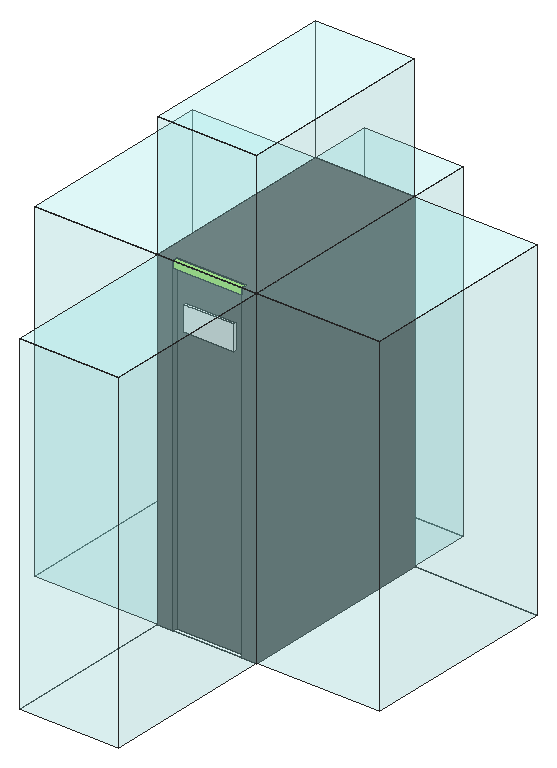
Revit family "Legrand-Ups-Keor_T-10_120kVA", category Installations électriques, Revit 2018
Family settings
  Conserver l'orientation des annotations = Non
  Cote de connecteur circulaire = Utiliser le diamètre
  Type d'élément = Normal
  Numéro OmniClass = 23.80.10.17.34
  Titre OmniClass = Static Uninterruptible Power Supplies
  Basée sur le plan de construction = Non
  Toujours verticalement = Oui
  Couper avec des vides une fois chargée = Non
  Partagée = Non
  Point de calcul de pièce = Non
Parameters (values of type "LG-310196")
  Visibilità aree d'installazione = yes
  URL = "https://ups.legrand.com/en/products/keor-t-keor-t-evo"
  General Conditions of Use = "https://export.legrand.com/en/terms-of-use-BIM-objects"
  Fabricant = "LEGRAND"
  Output power factor = 0.9
  Output Voltage = "380,400,415 Vac"
  Operating temperature = "from 0°C to +40°C"
  Operating altitude = "up to 1000 m altitude without derating"
  Modèle = "KEOR T"
  Max sound pressure level = "< 55 dB at 1m"
  Installation type = "On the floor"
  Installation space = 0.43 m³
  Input / Output phase configuration = "3ph+N+PE"
  Humidity = "20-95% not condensing"
  Frequency of use = "50 Hz or 60 Hz selectable"
  Connection constraint (signal) = "Back and bottom"
  Connection constraint = "Back and bottom"
  Conductors = "Cables"
  Cabinet Depth = 800 mm
  Nominal Power = 10 kVA
  Weight = 118.0 kg
  Cabinet Width = 400 mm
  Back Clearance = 250 mm
  Side Clearance = 500 mm
  Front Clearance = 700 mm
  Cabinet Height = 1345 mm
  Active power of use = 9 kW
Types (66, lengths in mm): name | Installation space | Cabinet Depth | Nominal Power | Weight | Cabinet Width | Side Clearance | Cabinet Height | Active power of use
  (no name) | 0.97 m³ | 980 | 100 kVA | 350.0 kg | 600 | 500 | 1650 | 90 kW
  LG-310200 | 0.43 m³ | 800 | 10 kVA | 118.0 kg | 400 | 500 | 1345 | 9 kW
  LG-310196 | 0.43 m³ | 800 | 10 kVA | 118.0 kg | 400 | 500 | 1345 | 9 kW
  LG-310223 | 0.43 m³ | 800 | 10 kVA | 158.0 kg | 400 | 500 | 1650 | 9 kW
  LG-310201 | 0.43 m³ | 800 | 10 kVA | 253.0 kg | 400 | 500 | 1345 | 9 kW
  LG-310202 | 0.43 m³ | 800 | 10 kVA | 283.0 kg | 400 | 500 | 1345 | 9 kW
  LG-310203 | 0.43 m³ | 800 | 10 kVA | 406.0 kg | 400 | 500 | 1650 | 9 kW
  LG-310204 | 0.43 m³ | 800 | 15 kVA | 132.0 kg | 400 | 500 | 1345 | 13.5 kW
  LG-310197 | 0.43 m³ | 800 | 15 kVA | 132.0 kg | 400 | 500 | 1345 | 13.5 kW
  LG-310224 | 0.52 m³ | 800 | 15 kVA | 161.0 kg | 400 | 500 | 1650 | 13.5 kW
  LG-310205 | 0.43 m³ | 800 | 15 kVA | 267.0 kg | 400 | 500 | 1345 | 13.5 kW
  LG-310206 | 0.43 m³ | 800 | 15 kVA | 297.0 kg | 400 | 500 | 1345 | 13.5 kW
  LG-310207 | 0.52 m³ | 800 | 15 kVA | 420.0 kg | 400 | 500 | 1650 | 13.5 kW
  LG-310208 | 0.43 m³ | 800 | 20 kVA | 134.0 kg | 400 | 500 | 1345 | 18 kW
  LG-310198 | 0.43 m³ | 800 | 20 kVA | 134.0 kg | 400 | 500 | 1345 | 18 kW
  LG-310225 | 0.52 m³ | 800 | 20 kVA | 163.0 kg | 400 | 500 | 1650 | 18 kW
  LG-310209 | 0.43 m³ | 800 | 20 kVA | 269.0 kg | 400 | 500 | 1345 | 18 kW
  LG-310210 | 0.43 m³ | 800 | 20 kVA | 299.0 kg | 400 | 500 | 1345 | 18 kW
  LG-310211 | 0.43 m³ | 800 | 20 kVA | 494.0 kg | 400 | 500 | 1650 | 18 kW
  LG-310212 | 0.43 m³ | 800 | 30 kVA | 140.0 kg | 400 | 500 | 1345 | 27 kW
  LG-310199 | 0.43 m³ | 800 | 30 kVA | 140.0 kg | 400 | 500 | 1345 | 27 kW
  LG-310226 | 0.52 m³ | 800 | 30 kVA | 180.0 kg | 400 | 500 | 1650 | 27 kW
  LG-310213 | 0.43 m³ | 800 | 30 kVA | 305.0 kg | 400 | 500 | 1345 | 27 kW
  LG-310214 | 0.43 m³ | 800 | 30 kVA | 428.0 kg | 400 | 500 | 1345 | 27 kW
  LG-310215 | 0.43 m³ | 800 | 30 kVA | 488.0 kg | 400 | 500 | 1345 | 27 kW
  LG-310216 | 0.89 m³ | 900 | 40 kVA | 255.0 kg | 600 | 700 | 1650 | 36 kW
  LG-310927 | 0.89 m³ | 900 | 40 kVA | 241.0 kg | 600 | 700 | 1650 | 36 kW
  LG-310217 | 0.89 m³ | 900 | 40 kVA | 539.0 kg | 600 | 700 | 1650 | 36 kW
  LG-310218 | 0.89 m³ | 900 | 40 kVA | 598.0 kg | 600 | 700 | 1650 | 36 kW
  LG-310219 | 0.89 m³ | 900 | 40 kVA | 748.0 kg | 600 | 700 | 1650 | 36 kW
  LG-310220 | 0.89 m³ | 900 | 60 kVA | 277.0 kg | 600 | 700 | 1650 | 54 kW
  LG-310928 | 0.89 m³ | 900 | 60 kVA | 276.0 kg | 600 | 700 | 1650 | 54 kW
  LG-310221 | 0.89 m³ | 900 | 60 kVA | 620.0 kg | 600 | 700 | 1650 | 54 kW
  LG-310222 | 0.89 m³ | 900 | 60 kVA | 770.0 kg | 600 | 700 | 1650 | 54 kW
  LG-310227 | 0.97 m³ | 980 | 80 kVA | 315.0 kg | 600 | 500 | 1650 | 72 kW
  LG-310228 | 0.97 m³ | 980 | 100 kVA | 350.0 kg | 600 | 500 | 1650 | 90 kW
  LG-310229 | 1.00 m³ | 800 | 120 kVA | 430.0 kg | 800 | 500 | 1650 | 108 kW
  LG-310230 | 0.43 m³ | 800 | 10 kVA | 240.0 kg | 400 | 500 | 1345 | 9 kW
  LG-310231 | 0.43 m³ | 800 | 15 kVA | 250.0 kg | 400 | 500 | 1345 | 13.5 kW
  LG-310232 | 0.43 m³ | 800 | 20 kVA | 255.0 kg | 400 | 500 | 1345 | 18 kW
  LG-310233 | 0.43 m³ | 800 | 30 kVA | 285.0 kg | 400 | 500 | 1345 | 27 kW
  LG-310234 | 0.89 m³ | 900 | 40 kVA | 525.0 kg | 600 | 700 | 1650 | 36 kW
  LG-310235 | 0.89 m³ | 900 | 60 kVA | 575.0 kg | 600 | 700 | 1650 | 54 kW
  LG-310236 | 0.43 m³ | 800 | 10 kVA | 118.0 kg | 400 | 500 | 1345 | 9 kW
  LG-310237 | 0.43 m³ | 800 | 10 kVA | 253.0 kg | 400 | 500 | 1345 | 9 kW
  LG-310238 | 0.43 m³ | 800 | 10 kVA | 283.0 kg | 400 | 500 | 1345 | 9 kW
  LG-310239 | 0.43 m³ | 800 | 10 kVA | 406.0 kg | 400 | 500 | 1650 | 9 kW
  LG-310240 | 0.43 m³ | 800 | 15 kVA | 132.0 kg | 400 | 500 | 1345 | 13.5 kW
  LG-310241 | 0.43 m³ | 800 | 15 kVA | 267.0 kg | 400 | 500 | 1345 | 13.5 kW
  LG-310242 | 0.43 m³ | 800 | 15 kVA | 297.0 kg | 400 | 500 | 1345 | 13.5 kW
  LG-310243 | 0.52 m³ | 800 | 15 kVA | 420.0 kg | 400 | 500 | 1650 | 13.5 kW
  LG-310244 | 0.43 m³ | 800 | 20 kVA | 134.0 kg | 400 | 500 | 1345 | 18 kW
  LG-310245 | 0.43 m³ | 800 | 20 kVA | 269.0 kg | 400 | 500 | 1345 | 18 kW
  LG-310246 | 0.43 m³ | 800 | 20 kVA | 299.0 kg | 400 | 500 | 1345 | 18 kW
  LG-310247 | 0.43 m³ | 800 | 20 kVA | 494.0 kg | 400 | 500 | 1650 | 18 kW
  LG-310248 | 0.43 m³ | 800 | 30 kVA | 140.0 kg | 400 | 500 | 1345 | 27 kW
  LG-310249 | 0.43 m³ | 800 | 30 kVA | 305.0 kg | 400 | 500 | 1345 | 27 kW
  LG-310250 | 0.43 m³ | 800 | 30 kVA | 428.0 kg | 400 | 500 | 1345 | 27 kW
  LG-310251 | 0.43 m³ | 800 | 30 kVA | 488.0 kg | 400 | 500 | 1345 | 27 kW
  LG-310252 | 0.89 m³ | 900 | 40 kVA | 255.0 kg | 600 | 700 | 1650 | 36 kW
  LG-310253 | 0.89 m³ | 900 | 40 kVA | 539.0 kg | 600 | 700 | 1650 | 36 kW
  LG-310254 | 0.89 m³ | 900 | 40 kVA | 598.0 kg | 600 | 700 | 1650 | 36 kW
  LG-310255 | 0.89 m³ | 900 | 40 kVA | 748.0 kg | 600 | 700 | 1650 | 36 kW
  LG-310256 | 0.89 m³ | 900 | 60 kVA | 277.0 kg | 600 | 700 | 1650 | 54 kW
  LG-310257 | 0.89 m³ | 900 | 60 kVA | 620.0 kg | 600 | 700 | 1650 | 54 kW
  LG-310258 | 0.89 m³ | 900 | 60 kVA | 770.0 kg | 600 | 700 | 1650 | 54 kW
Reference planes
  plane 1 "Centro (Fronte/Retro)": y = 0
  plane 2: z = 0
  plane 3 "Centro (Sinistra/Destra)": x = 0
  plane 4: x = 200
  plane 5: x = -200
  plane 6: y = 400
  plane 7 "Piano Frontale": y = -400
  plane 8 "PIANO TETTO ARMADIO": z = 1345
  plane 9: z = 1845
  plane 10: y = -1100
  plane 11: x = 700
  plane 12: x = -700
  plane 13: y = 650
Forms (mm)
  Extrusion 1, solid
    sketch origin (0, 0, 0) x (1, 0, 0) y (0, 1, 0)
      loop
        line (-200, 400) -> (-200, -400) -> (200, -400) -> (200, 400) -> (-200, 400)
    from 0 to 1345
  Extrusion 2, void
    sketch origin (0, 0, 0) x (1, 0, 0) y (0, 1, 0)
      loop
        line (-140, -400) -> (140, -400) -> (140, -380) -> (-140, -380) -> (-140, -400)
    from 0 to 1345
  Extrusion 3, solid
    sketch origin (1413.306, -400, 1200) x (1, 0, 0) y (0, 0, 1)
      loop
        line (-1553.306, 145) -> (-1553.306, 120) -> (-1273.306, 120) -> (-1273.306, 145) -> (-1553.306, 145)
    from -20 to 0
  Extrusion 4, solid
    sketch origin (1413.306, -400, 1200) x (1, 0, 0) y (0, 0, 1)
      loop
        line (-1513.306, -5) -> (-1513.306, -105) -> (-1313.306, -105) -> (-1313.306, -5) -> (-1513.306, -5)
    from -20 to -7.982
  Extrusion 5, solid
    sketch origin (0, 0, 0) x (1, 0, 0) y (0, 1, 0)
      loop
        line (-700, 400) -> (-700, -400) -> (-200, -400) -> (-200, 400) -> (-700, 400)
      loop
        line (700, 400) -> (200, 400) -> (200, -400) -> (700, -400) -> (700, 400)
    from 0 to 1345
  Extrusion 6, solid
    sketch origin (1413.306, -400, 1200) x (1, 0, 0) y (0, 0, 1)
      loop
        line (-1613.306, 645) -> (-1613.306, 145) -> (-1213.306, 145) -> (-1213.306, 645) -> (-1613.306, 645)
    from -800 to 0
  Extrusion 7, solid
    sketch origin (0, 0, 0) x (1, 0, 0) y (0, 1, 0)
      loop
        line (-200, 650) -> (-200, 400) -> (200, 400) -> (200, 650) -> (-200, 650)
      loop
        line (-200, -400) -> (-200, -1100) -> (200, -1100) -> (200, -400) -> (-200, -400)
    from 0 to 1345
Cuts and joins
  Extrusion 2 cuts Extrusion 1
Dimensions and locks
  "Cabinet Width": plane 5 to plane 4
  equal spacing: plane 6, plane 1 "Centro (Fronte/Retro)", plane 7 "Piano Frontale"
  "Cabinet Depth": plane 6 to plane 7 "Piano Frontale"
  "Cabinet Height": plane 8 "PIANO TETTO ARMADIO" to level
  plane 9 to plane 8 "PIANO TETTO ARMADIO" = 500 mm
  "Front Clearance": plane 10 to plane 7 "Piano Frontale"
  "Side Clearance": plane 4 to plane 11
  "Side Clearance": plane 12 to plane 5
  locked: Extrusion 2 sketch curve to Extrusion 2 sketch curve at 280
  locked: Extrusion 1 to Extrusion 2 sketch curve at 20
  equal spacing: Extrusion 2 sketch curve, plane 3 "Centro (Sinistra/Destra)", Extrusion 2 sketch curve, locked at 140 each
  Extrusion 2 to plane 3 "Centro (Sinistra/Destra)" = 140 mm
  locked: cut or joined group of Extrusion 1, Extrusion 2 to Extrusion 3 sketch curve at 25
  locked: Extrusion 4 sketch curve to Extrusion 4 sketch curve at 200
  locked: Extrusion 4 sketch curve to Extrusion 4 sketch curve at 100
  locked: plane 8 "PIANO TETTO ARMADIO" to Extrusion 4 sketch curve at 250
  equal spacing: Extrusion 4 sketch curve, plane 3 "Centro (Sinistra/Destra)", Extrusion 4 sketch curve, locked at 100 each
  locked: plane 7 "Piano Frontale" to Extrusion 4 at 7.982
  "Back Clearance": plane 13 to plane 6
  equal spacing: plane 5, plane 3 "Centro (Sinistra/Destra)", plane 4
  aligned and locked: level to plane 2
  aligned and locked: Extrusion 1 sketch curve to plane 6
  aligned and locked: plane 5 to Extrusion 1 sketch curve
  aligned and locked: Extrusion 1 sketch curve to plane 7 "Piano Frontale"
  aligned and locked: Extrusion 1 sketch curve to plane 4
  aligned and locked: Extrusion 1 to level
  aligned and locked: plane 8 "PIANO TETTO ARMADIO" to Extrusion 1
  aligned and locked: plane 7 "Piano Frontale" to Extrusion 2 sketch curve
  aligned and locked: Extrusion 2 to level
  aligned and locked: Extrusion 3 sketch curve to plane 8 "PIANO TETTO ARMADIO"
  aligned and locked: Extrusion 3 sketch curve to cut or joined group of Extrusion 1, Extrusion 2  (x2)
  aligned and locked: Extrusion 3 to cut or joined group of Extrusion 1, Extrusion 2
  aligned and locked: cut or joined group of Extrusion 1, Extrusion 2 to Extrusion 3
  aligned and locked: cut or joined group of Extrusion 1, Extrusion 2 to Extrusion 4
  aligned and locked: Extrusion 5 sketch curve to plane 4
  aligned and locked: plane 6 to Extrusion 5 sketch curve
  aligned and locked: plane 7 "Piano Frontale" to Extrusion 5 sketch curve
  aligned and locked: plane 11 to Extrusion 5 sketch curve
  aligned and locked: Extrusion 5 sketch curve to plane 5
  aligned and locked: Extrusion 5 sketch curve to plane 6
  aligned and locked: Extrusion 5 sketch curve to plane 7 "Piano Frontale"
  aligned and locked: plane 12 to Extrusion 5 sketch curve
  aligned and locked: Extrusion 5 to level
  aligned and locked: plane 8 "PIANO TETTO ARMADIO" to Extrusion 5
  aligned and locked: plane 8 "PIANO TETTO ARMADIO" to Extrusion 6 sketch curve
  aligned and locked: Extrusion 6 sketch curve to plane 4
  aligned and locked: plane 5 to Extrusion 6 sketch curve
  aligned and locked: Extrusion 6 sketch curve to plane 9
  aligned and locked: plane 6 to Extrusion 6
  aligned and locked: plane 7 "Piano Frontale" to Extrusion 6
  aligned and locked: plane 7 "Piano Frontale" to Extrusion 7 sketch curve
  aligned and locked: Extrusion 7 sketch curve to plane 4  (x2)
  aligned and locked: plane 5 to Extrusion 7 sketch curve  (x2)
  aligned and locked: plane 10 to Extrusion 7 sketch curve
  aligned and locked: Extrusion 7 sketch curve to plane 13
  aligned and locked: plane 6 to Extrusion 7 sketch curve
  aligned and locked: Extrusion 7 to level
  aligned and locked: plane 8 "PIANO TETTO ARMADIO" to Extrusion 7
  aligned and locked: Extrusion 1 to Extrusion 2
